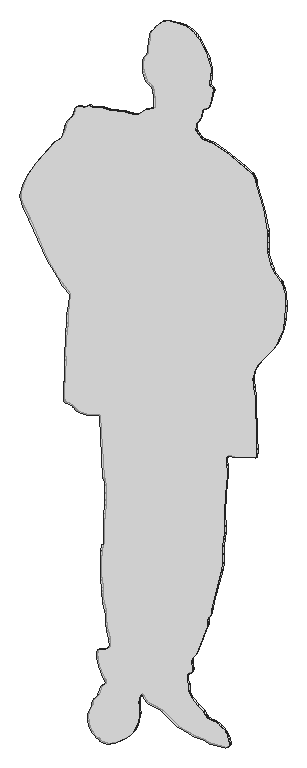
Revit family "Flat Man 13", category Entourage, Revit 2015
Parameters
  Flat Material [instance] = none
  Height = 0 mm
Reference planes
  plane 1 "Center (Front/Back)": y = 0
  plane 2: z = 0
  plane 3 "Center (Left/Right)": x = 0
Forms (mm)
  Extrusion 1, solid, material <- "Flat Material"
    sketch origin (0, 0, 0) x (1, 0, 0) y (0, 0, 1)
      loop
        line (-208.998, 641.266) -> (-207.189, 640.654) -> (-203.197, 639.805) -> (-199.229, 639.337) -> (-191.379, 639.378) -> (-183.67, 640.446) -> (-176.132, 642.209) -> (-148.299, 649.574) -> (-139.382, 505.026) -> (-135.81, 501.457) -> (-134.902, 496.281) -> (-134.208, 488.915) -> (-133.427, 470.747) -> (-133.391, 453.211) -> (-134.023, 442.567) -> (-136.431, 420.555) -> (-137.058, 395.973) -> (-137.596, 347.987) -> (-141.161, 344.415) -> (-143.824, 327.453) -> (-145.684, 302.788) -> (-146.176, 277.522) -> (-145.732, 266.884) -> (-144.734, 258.759) -> (-141.956, 240.973) -> (-141.148, 231.963) -> (-141.161, 224.852) -> (-141.299, 219.982) -> (-140.891, 215.037) -> (-138.939, 205.179) -> (-134.023, 187.376) -> (-132.714, 177.354) -> (-132.076, 165.422) -> (-131.074, 152.867) -> (-130.113, 146.758) -> (-128.672, 140.976) -> (-123.364, 123.266) -> (-122.339, 118.062) -> (-121.852, 113.135) -> (-121.875, 110.868) -> (-122.11, 108.779) -> (-122.583, 106.906) -> (-122.917, 106.062) -> (-123.32, 105.286) -> (-124.381, 103.525) -> (-125.656, 101.991) -> (-127.119, 100.658) -> (-128.747, 99.497) -> (-132.394, 97.589) -> (-136.392, 96.048) -> (-144.639, 93.203) -> (-148.483, 91.465) -> (-150.247, 90.423) -> (-151.872, 89.228) -> (-153.108, 87.408) -> (-154.123, 85.448) -> (-154.928, 83.36) -> (-155.533, 81.155) -> (-156.183, 76.438) -> (-156.154, 71.39) -> (-155.526, 66.099) -> (-154.381, 60.658) -> (-150.861, 49.683) -> (-146.24, 39.189) -> (-141.164, 29.902) -> (-136.281, 22.544) -> (-134.114, 19.816) -> (-132.237, 17.841) -> (-133.295, 14.515) -> (-133.916, 13.231) -> (-134.59, 12.157) -> (-135.312, 11.259) -> (-136.076, 10.505) -> (-137.707, 9.293) -> (-141.213, 7.134) -> (-142.995, 5.658) -> (-143.873, 4.705) -> (-144.734, 3.565) -> (-151.872, -19.631) -> (-153.253, -21.801) -> (-154.951, -24.022) -> (-158.893, -28.549) -> (-162.893, -33.079) -> (-166.148, -37.476) -> (-167.021, -39.208) -> (-167.556, -40.892) -> (-168.046, -44.242) -> (-168.479, -47.779) -> (-168.942, -49.696) -> (-169.713, -51.756) -> (-177.635, -68.489) -> (-179.46, -73.379) -> (-180.705, -78.041) -> (-181.03, -80.207) -> (-181.113, -82.22) -> (-180.921, -84.05) -> (-180.713, -84.885) -> (-180.424, -85.663) -> (-179.918, -93.581) -> (-178.198, -100.78) -> (-176.926, -104.098) -> (-175.402, -107.221) -> (-171.667, -112.865) -> (-167.131, -117.674) -> (-161.93, -121.609) -> (-156.202, -124.632) -> (-150.086, -126.704) -> (-148.462, -127.701) -> (-146.78, -128.53) -> (-143.261, -129.715) -> (-139.572, -130.32) -> (-135.753, -130.403) -> (-131.844, -130.024) -> (-127.888, -129.244) -> (-119.998, -126.714) -> (-105.458, -119.451) -> (-94.768, -112.428) -> (-75.719, -97.286) -> (-67.432, -89.037) -> (-60.066, -80.039) -> (-53.691, -70.071) -> (-48.378, -58.91) -> (-44.199, -46.335) -> (-41.223, -32.124) -> (-40.506, -24.324) -> (-40.646, -17.306) -> (-41.811, -4.684) -> (-41.992, 1.385) -> (-41.344, 7.602) -> (-40.577, 10.839) -> (-39.444, 14.201) -> (-35.871, 21.414) -> (-33.797, 19.986) -> (-31.812, 18.221) -> (-27.966, 14.149) -> (-24.06, 10.141) -> (-21.997, 8.455) -> (-19.816, 7.138) -> (-15.144, 5.348) -> (-10.224, 4.226) -> (0, 3.163) -> (10.131, 2.304) -> (14.936, 1.436) -> (19.446, 0) -> (62.281, -21.417) -> (73.352, -24.475) -> (85.11, -26.509) -> (106.895, -30.342) -> (130.088, -30.342) -> (138.742, -32.39) -> (143.122, -32.719) -> (145.456, -32.559) -> (147.936, -32.124) -> (178.641, -29.432) -> (186.014, -28.115) -> (189.4, -27.078) -> (192.524, -25.721) -> (195.339, -23.992) -> (196.616, -22.972) -> (197.798, -21.84) -> (198.881, -20.59) -> (199.857, -19.214) -> (200.721, -17.707) -> (201.689, -15.573) -> (201.772, -14.084) -> (201.67, -12.728) -> (201.42, -11.177) -> (199.247, -3.78) -> (195.955, 3.721) -> (194.204, 6.759) -> (193.357, 7.968) -> (192.55, 8.921) -> (191.909, 10.179) -> (191.136, 11.403) -> (189.222, 13.747) -> (186.867, 15.943) -> (184.129, 17.981) -> (177.737, 21.549) -> (170.511, 24.374) -> (162.917, 26.383) -> (155.421, 27.502) -> (148.488, 27.654) -> (145.378, 27.344) -> (142.584, 26.765) -> (140.298, 30.42) -> (137.565, 33.781) -> (131.032, 39.797) -> (115.625, 50.265) -> (100.759, 61.028) -> (97.642, 64.1) -> (94.903, 67.415) -> (92.611, 71.016) -> (90.833, 74.948) -> (90.833, 91.011) -> (88.093, 98.001) -> (87.48, 99.626) -> (87.035, 101.267) -> (87.89, 109.755) -> (88.351, 112.028) -> (88.901, 113.823) -> (90.065, 116.379) -> (91.838, 117.599) -> (95.609, 119.234) -> (96.627, 119.824) -> (97.662, 120.624) -> (98.705, 121.704) -> (99.75, 123.131) -> (100.685, 124.857) -> (101.32, 126.613) -> (101.694, 128.394) -> (101.842, 130.197) -> (101.617, 133.844) -> (100.942, 137.516) -> (99.445, 144.781) -> (99.222, 148.297) -> (99.373, 150.009) -> (99.75, 151.683) -> (101.197, 155.42) -> (103.225, 159.348) -> (108.311, 167.554) -> (113.579, 175.856) -> (117.598, 183.807) -> (140.798, 248.052) -> (141.784, 251.007) -> (142.309, 253.789) -> (142.588, 259.023) -> (142.864, 264.125) -> (143.384, 266.742) -> (144.441, 269.681) -> (145.332, 270.552) -> (147.027, 271.999) -> (148.73, 273.518) -> (149.639, 274.522) -> (152.26, 283.876) -> (153.562, 292.253) -> (156.86, 310.511) -> (180.06, 396.167) -> (182.15, 414.526) -> (182.524, 434.315) -> (183.003, 454.214) -> (185.412, 472.905) -> (187.373, 487.708) -> (187.706, 503.613) -> (187.198, 531.795) -> (188.921, 581.087) -> (194.329, 628.16) -> (194.788, 631.039) -> (194.965, 634.046) -> (194.678, 640.351) -> (192.943, 653.46) -> (192.302, 659.883) -> (192.35, 665.964) -> (192.758, 668.818) -> (193.489, 671.515) -> (194.594, 674.031) -> (195.302, 675.214) -> (196.123, 676.343) -> (196.847, 676.641) -> (197.648, 676.847) -> (199.462, 677.043) -> (203.78, 676.965) -> (208.73, 677.022) -> (211.333, 677.386) -> (213.964, 678.126) -> (271.075, 697.757) -> (272.548, 702.609) -> (273.509, 708.07) -> (274.202, 720.142) -> (272.854, 744.157) -> (269.288, 842.306) -> (265.504, 865.583) -> (263.777, 878.07) -> (263.535, 883.733) -> (263.929, 888.706) -> (267.255, 901.831) -> (272.351, 913.969) -> (278.813, 925.267) -> (286.237, 935.874) -> (317.468, 974.365) -> (325.644, 987.399) -> (332.955, 1002.243) -> (344.24, 1033.255) -> (349.371, 1059.094) -> (351.547, 1089.707) -> (349.623, 1118.861) -> (346.766, 1130.945) -> (344.801, 1136.022) -> (342.454, 1140.328) -> (340.281, 1143.127) -> (337.709, 1145.672) -> (331.882, 1150.311) -> (325.987, 1154.866) -> (323.331, 1157.306) -> (321.04, 1159.959) -> (316.215, 1167.719) -> (311.815, 1176.916) -> (304.978, 1195.648) -> (303.544, 1202.324) -> (302.882, 1209.761) -> (303.022, 1225.665) -> (303.693, 1240.837) -> (303.695, 1247.36) -> (303.192, 1252.756) -> (290.503, 1304.19) -> (272.854, 1352.69) -> (272.17, 1354.752) -> (271.74, 1356.716) -> (271.272, 1360.388) -> (270.703, 1363.779) -> (270.148, 1365.394) -> (269.762, 1366.185) -> (269.288, 1366.966) -> (268.315, 1369.275) -> (267.148, 1371.32) -> (265.803, 1373.125) -> (264.295, 1374.717) -> (262.638, 1376.122) -> (260.848, 1377.365) -> (256.929, 1379.471) -> (238.943, 1386.597) -> (200.403, 1401.578) -> (158.639, 1413.363) -> (126.522, 1415.149) -> (124.236, 1416.182) -> (122.106, 1417.556) -> (118.162, 1420.948) -> (114.382, 1424.564) -> (112.458, 1426.218) -> (110.46, 1427.642) -> (112.185, 1441.726) -> (113.503, 1446.026) -> (115.128, 1449.332) -> (124.736, 1465.115) -> (128.301, 1482.963) -> (129.066, 1483.782) -> (129.932, 1484.523) -> (131.909, 1485.827) -> (136.422, 1488.05) -> (140.891, 1490.406) -> (142.811, 1491.876) -> (143.641, 1492.727) -> (144.363, 1493.67) -> (145.74, 1495.98) -> (146.935, 1498.477) -> (148.879, 1503.924) -> (151.69, 1515.899) -> (154.406, 1527.913) -> (156.233, 1533.409) -> (158.639, 1538.284) -> (158.085, 1540.928) -> (157.407, 1543.03) -> (157.006, 1543.905) -> (156.555, 1544.676) -> (156.049, 1545.353) -> (155.48, 1545.948) -> (154.842, 1546.471) -> (154.13, 1546.932) -> (152.456, 1547.711) -> (147.936, 1548.991) -> (150.967, 1573.281) -> (151.679, 1585.218) -> (151.134, 1591.186) -> (149.722, 1597.174) -> (144.7, 1611.091) -> (138.364, 1624.783) -> (130.592, 1637.682) -> (121.259, 1649.217) -> (115.969, 1654.295) -> (110.242, 1658.819) -> (104.063, 1662.718) -> (97.416, 1665.92) -> (90.287, 1668.354) -> (82.659, 1669.95) -> (74.517, 1670.635) -> (65.846, 1670.34) -> (40.688, 1666.682) -> (30.72, 1663.231) -> (25.975, 1660.821) -> (21.232, 1657.85) -> (12.93, 1650.656) -> (2.55, 1639.702) -> (-6.965, 1628.006) -> (-10.478, 1622.823) -> (-11.763, 1620.564) -> (-12.671, 1618.588) -> (-13.814, 1614.807) -> (-14.644, 1610.499) -> (-15.851, 1601.096) -> (-17.254, 1591.962) -> (-18.33, 1587.991) -> (-19.014, 1586.241) -> (-19.816, 1584.681) -> (-20.063, 1571.357) -> (-20.643, 1567.669) -> (-21.055, 1566.299) -> (-21.549, 1565.143) -> (-22.129, 1564.123) -> (-22.796, 1563.162) -> (-24.398, 1561.112) -> (-26.372, 1558.378) -> (-28.733, 1554.343) -> (-30.31, 1551.616) -> (-31.536, 1548.567) -> (-32.434, 1545.244) -> (-33.022, 1541.694) -> (-33.354, 1534.109) -> (-32.694, 1526.198) -> (-31.204, 1518.347) -> (-29.047, 1510.944) -> (-26.385, 1504.373) -> (-23.382, 1499.022) -> (-22.671, 1498.114) -> (-21.84, 1497.292) -> (-19.891, 1495.859) -> (-15.317, 1493.514) -> (-10.76, 1491.246) -> (-8.832, 1489.91) -> (-8.015, 1489.15) -> (-7.32, 1488.315) -> (-6.641, 1487.199) -> (-6.106, 1485.978) -> (-5.385, 1483.282) -> (-4.746, 1477.336) -> (-4.055, 1471.527) -> (-3.717, 1470.218) -> (-3.27, 1469) -> (-2.694, 1467.889) -> (-1.968, 1466.901) -> (-1.968, 1441.918) -> (-12.129, 1436.971) -> (-19.421, 1433.342) -> (-23.382, 1431.211) -> (-37.579, 1418.514) -> (-45.3, 1412.324) -> (-49.41, 1409.85) -> (-53.72, 1408.011) -> (-80.485, 1406.225) -> (-123.32, 1395.518) -> (-139.382, 1395.518) -> (-164.361, 1386.597) -> (-173.278, 1388.38) -> (-174.691, 1387.708) -> (-176.363, 1386.682) -> (-180.178, 1384.021) -> (-184.114, 1381.309) -> (-185.937, 1380.219) -> (-187.562, 1379.459) -> (-193.016, 1377.996) -> (-198.005, 1377.239) -> (-202.68, 1376.254) -> (-204.946, 1375.383) -> (-207.189, 1374.104) -> (-208.631, 1373.018) -> (-209.901, 1371.848) -> (-211.018, 1370.599) -> (-211.999, 1369.275) -> (-213.627, 1366.418) -> (-214.926, 1363.313) -> (-219.679, 1349.121) -> (-221.119, 1346.348) -> (-223.016, 1343.621) -> (-227.588, 1338.265) -> (-232.222, 1332.985) -> (-234.194, 1330.35) -> (-235.741, 1327.708) -> (-240.529, 1315.383) -> (-243.97, 1303.402) -> (-247.758, 1291.973) -> (-250.313, 1286.532) -> (-253.589, 1281.307) -> (-267.865, 1268.818) -> (-320.596, 1197.109) -> (-343.755, 1157.582) -> (-353.184, 1136.229) -> (-360.666, 1113.559) -> (-361.444, 1109.492) -> (-361.621, 1105.377) -> (-361.262, 1101.238) -> (-360.432, 1097.101) -> (-357.62, 1088.927) -> (-353.706, 1081.051) -> (-337.466, 1056.451) -> (-289.904, 978.665) -> (-261.617, 943.252) -> (-245.781, 928.159) -> (-228.603, 915.472) -> (-231.015, 889.912) -> (-235.741, 865.506) -> (-235.741, 844.092) -> (-238.763, 823.357) -> (-240.038, 801.996) -> (-242.886, 765.571) -> (-241.1, 753.078) -> (-241.652, 721.441) -> (-242.462, 705.005) -> (-243.341, 698.612) -> (-243.941, 696.118) -> (-244.665, 694.188) -> (-244.665, 656.712) -> (-243.893, 655.3) -> (-242.991, 654.111) -> (-241.968, 653.119) -> (-240.831, 652.303) -> (-239.589, 651.64) -> (-238.252, 651.106) -> (-235.322, 650.334) -> (-221.465, 647.792) -> (-219.829, 647.157) -> (-218.116, 646.295) -> (-214.525, 644.197) -> (-210.836, 642.112) -> (-208.998, 641.266)
    from -2.5 to 2.5
Lines and regions (mm)
  model lines
    curve 1: line (-150, 0, 0) -> (150, 0, 0)
    curve 2: line (0, -150, 0) -> (0, 150, 0)
Dimensions and locks
  aligned and locked: level to plane 2
